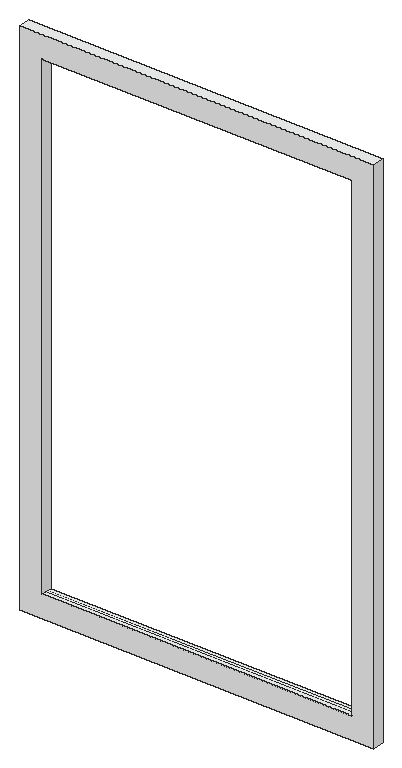
Revit family "Frameless Glass Panel R", category Doors, Revit 2016
Family settings
  OmniClass Number = 23.25.20.14.11.11.17
  OmniClass Title = Infill Panels
  Always vertical = Yes
  Cut with Voids When Loaded = No
  Shared = No
  Room Calculation Point = No
Parameters (values of type "one")
  glass width [instance] = 4' - 9.00212"
  glass ofset from frame ext edge = 0' - 4 1/4"
  glass height [instance] = 7' - 4"
  frame material = Metal Frame Flat Aluminun
  Panel Material = CLEAR TEMPERED GLASS (HEAD/SILL SUPPORT DETAILS TO MATCHING EXISTING FRAMLESS GLASS DETAILS @ TENANT ENTRANCE)
  Glass Thickness = 0' - 0 1/2"
  Gap btwn Panels = 0' - 0 1/4"
  GAp btwn Frame = 0' - 1"
  Frame thickness = 0' - 2"
  Frame Glass crease = 0' - 0"
  Analytic Construction = "<None>"
Reference planes (in)
  plane 1 "Front": y = 0
  plane 2: z = 0
  plane 3 "Center (Left/Right)": x = 0
  plane 4 "Left": x = -32.75106
  plane 5 "Right": x = 32.75106
  plane 6 "Top": z = 96
  plane 7: x = 32.50106
  plane 8: x = -32.50106
  plane 9: y = 0.25
  plane 10: y = -0.25
  plane 11: y = 1
  plane 12: y = -1
  plane 13 "glas edge left": x = -28.50106
  plane 14 "glass edge right": x = 28.50106
  plane 15: z = 92
  plane 16: z = 4
Forms (in)
  Extrusion 1, solid, material "Metal Frame Flat Aluminun" <- "frame material"
    sketch origin (0, 0, 0) x (1, 0, 0) y (0, 0, 1)
      loop
        line (32.50106, 96) -> (-32.50106, 96) -> (-32.50106, 0) -> (32.50106, 0) -> (32.50106, 96)
      loop
        line (28.50106, 92) -> (-28.50106, 92) -> (-28.50106, 4) -> (28.50106, 4) -> (28.50106, 92)
    from -1 to 1
  Extrusion 2, solid, material "CLEAR TEMPERED GLASS (HEAD/SILL SUPPORT DETAILS TO MATCHING EXISTING FRAMLESS GLASS DETAILS @ TENANT ENTRANCE)" <- "Panel Material"
    sketch origin (0, 0, 0) x (1, 0, 0) y (0, 0, 1)
      loop
        line (28.50106, 92) -> (-28.50106, 92) -> (-28.50106, 4) -> (28.50106, 4) -> (28.50106, 92)
    from -0.25 to 0.25
Text (in)
  text "Exterior" at (-54.29358, 31.38743, 0), in view "Ref. Level"
  text "Exterior" at (480, 41.53993, 89.60405), in view "Right"
  text "Exterior" at (-240, 57.82419, 105.78864), in view "Left"
Dimensions and locks (in)
  equal spacing: plane 4 "Left", plane 3 "Center (Left/Right)", plane 5 "Right"
  "Gap btwn Panels": plane 7 to plane 5 "Right"
  "Gap btwn Panels": plane 4 "Left" to plane 8
  equal spacing: plane 9, plane 1 "Front", plane 10
  "Glass Thickness": plane 9 to plane 10
  "Frame Glass crease": plane 13 "glas edge left" to Extrusion 2
  "Frame Glass crease": Extrusion 2 to plane 14 "glass edge right"
  "glass width": plane 13 "glas edge left" to plane 14 "glass edge right"
  "glass ofset from frame ext edge": plane 14 "glass edge right" to plane 5 "Right"
  "glass ofset from frame ext edge": Extrusion 1 to plane 4 "Left"
  "glass height": plane 15 to plane 16
  aligned and locked: level to plane 2
Automatic sketch dimensions
  Extrusion 1 sketch curve to plane 6 "Top" = 0' - 0"
  plane 8 to Extrusion 1 sketch curve = 0' - 0"
  level to Extrusion 1 sketch curve = 0' - 4"
  plane 7 to Extrusion 1 sketch curve = 0' - 0"
  Extrusion 1 sketch curve to plane 8 = 0' - 4"
  plane 7 to Extrusion 1 sketch curve = 0' - 4"
  plane 6 "Top" to Extrusion 1 sketch curve = 0' - 4"
  Extrusion 1 sketch curve to level = 0' - 0"
  Extrusion 2 sketch curve to plane 13 "glas edge left" = 0' - 0"
  plane 14 "glass edge right" to Extrusion 2 sketch curve = 0' - 0"
  Extrusion 2 sketch curve to plane 16 = 0' - 0"
  Extrusion 2 sketch curve to plane 15 = 0' - 0"
Nested families (in)
  nested 1: "Curtain Wall Door Swing-Single R" at (-32.50106, 1, 0) x (-1, 0, 0) z (0, 0, 1), type "Single"
    with Swing Visible yes, Swing Angle 90.00°, Actual Angle 90.00°
Definition of nested family "Curtain Wall Door Swing-Single R"
  Parameters (values of type "Single")
    Width = 2' - 11.43307"
    Thickness = 0' - 0"
    Swing Visible [instance] = Swing Angle > 1.00°  # yes
    Swing Angle [instance] = 45.00°
    Assembly Code = ""
    Analytic Construction = "<None>"
    Actual Angle [instance] = if(Swing Angle < 1.00°, 1.00°, Swing Angle)  # 45.00°
  Reference planes (in)
    plane 1 "Center (Front/Back)": y = 0
    plane 2: z = 0
    plane 3 "Center (Left/Right)": x = 0
    plane 4: x = -35.43307
  Lines and regions (in)
    symbolic lines
      curve 1: line (0, 0, 0) -> (-35.43307, 0, 0)
      curve 5: line (0, 0, 0) -> (-25.05496, 25.05496, 0)
    symbolic lines, visible <- "Swing Visible"
      curve 2: arc (-35.43307, 0, 0) -> (-32.73589, 13.55965, 0) -> (-25.05496, 25.05496, 0) r 35.43307
    reference lines
      curve 3: line (0, 0, 0) -> (-25.05496, 25.05496, 0)
    model lines
      curve 4: line (0, 0, 0) -> (0, 0, 1)
  Dimensions and locks (in)
    "Width": plane 4 to plane 3 "Center (Left/Right)"
    locked: curve 2 to plane 3 "Center (Left/Right)"
    locked: curve 2 to plane 1 "Center (Front/Back)"
    "Width": curve 3 to curve 3
    locked: curve 4 to plane 2 at 1
    "Width": radius of curve 2
    "Actual Angle": angle curve 2 to curve 2
    "Swing Angle": angle curve 3 to plane 1 "Center (Front/Back)"
    aligned and locked: plane 3 "Center (Left/Right)" to curve 1
    aligned and locked: plane 3 "Center (Left/Right)" to curve 3
    aligned and locked: plane 1 "Center (Front/Back)" to curve 3
    aligned and locked: plane 3 "Center (Left/Right)" to curve 4
    aligned and locked: plane 2 to curve 4
    aligned and locked: curve 5 to curve 3
